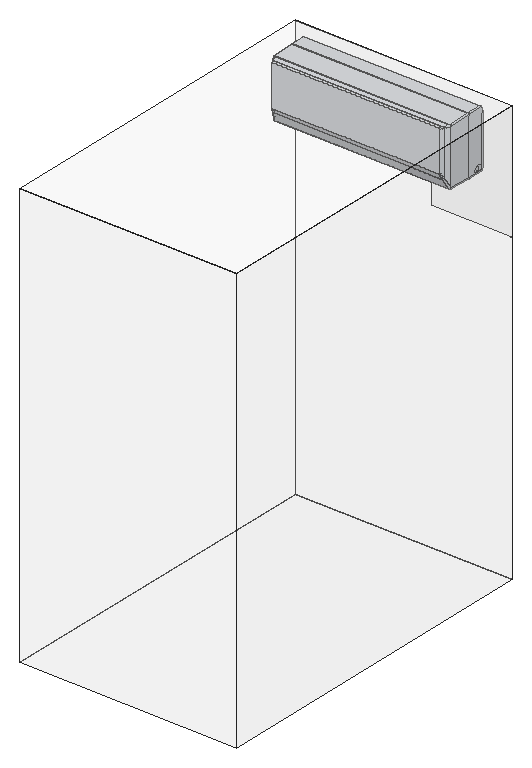
Revit family "pk-rp28112lka20_60hz", category 機械設備, Revit 2019 (continued)
Definition of nested family "pk-rp80_112(la)ka17"
  Automatic sketch dimensions
    Extrusion 1 sketch curve to Extrusion 1 sketch curve = 4.57 mm
    Extrusion 1 sketch curve to Extrusion 1 sketch curve = 0.828 mm
    Extrusion 1 sketch curve to Extrusion 1 sketch curve = 2.282 mm
    Extrusion 1 sketch curve to Extrusion 1 sketch curve = 1.509 mm
    Extrusion 1 sketch curve to plane 10 "Fkidasi_Z" = 2.669 mm
    Extrusion 1 sketch curve to Extrusion 1 sketch curve = 3.53 mm
    Extrusion 1 sketch curve to Extrusion 1 sketch curve = 0.245 mm
    Extrusion 1 sketch curve to plane 10 "Fkidasi_Z" = 0.212 mm
    Extrusion 1 sketch curve to Extrusion 1 sketch curve = 11.126 mm
    Extrusion 1 sketch curve to Extrusion 1 sketch curve = 11.355 mm
    plane 10 "Fkidasi_Z" to Extrusion 1 sketch curve = 0.239 mm
    Extrusion 1 sketch curve to Extrusion 1 sketch curve = 0.886 mm
    Extrusion 1 sketch curve to Extrusion 1 sketch curve = 14.099 mm
    Extrusion 1 sketch curve to Extrusion 1 sketch curve = 0.981 mm  (x3)
    Extrusion 1 sketch curve to plane 2 = 91.302 mm
    plane 6 "UNDER" to Extrusion 1 sketch curve = 3.179 mm
    Extrusion 1 sketch curve to Extrusion 1 sketch curve = 2.631 mm
    Extrusion 1 sketch curve to Extrusion 1 sketch curve = 10.856 mm
    Extrusion 1 sketch curve to plane 10 "Fkidasi_Z" = 10.968 mm
    Extrusion 1 sketch curve to Extrusion 1 sketch curve = 1.969 mm
    Extrusion 1 sketch curve to plane 10 "Fkidasi_Z" = 1.653 mm
    Extrusion 1 sketch curve to plane 10 "Fkidasi_Z" = 0.674 mm
    Extrusion 1 sketch curve to Extrusion 1 sketch curve = 0.182 mm
    plane 10 "Fkidasi_Z" to Extrusion 1 sketch curve = 19.962 mm
    plane 10 "Fkidasi_Z" to Extrusion 1 sketch curve = 45.88 mm
    Extrusion 1 sketch curve to Extrusion 1 sketch curve = 9.288 mm
    Extrusion 1 sketch curve to Extrusion 1 sketch curve = 1.712 mm
    Extrusion 1 sketch curve to Extrusion 1 sketch curve = 2.453 mm
    Extrusion 1 sketch curve to Extrusion 1 sketch curve = 1.702 mm
    Extrusion 1 sketch curve to Extrusion 1 sketch curve = 0.58 mm
    Extrusion 1 sketch curve to Extrusion 1 sketch curve = 1.434 mm
    Extrusion 1 sketch curve to level = 23.558 mm
    Extrusion 1 sketch curve to Extrusion 1 sketch curve = 8.081 mm
    Extrusion 1 sketch curve to Extrusion 1 sketch curve = 4.288 mm
    Extrusion 1 sketch curve to Extrusion 1 sketch curve = 0.784 mm
    Extrusion 1 sketch curve to Extrusion 1 sketch curve = 0 mm
    Extrusion 1 sketch curve to Extrusion 1 sketch curve = 1.627 mm
    Extrusion 1 sketch curve to Extrusion 1 sketch curve = 0.002 mm
    Extrusion 1 sketch curve to level = 0 mm
    plane 19 to Extrusion 1 sketch curve = 6.097 mm
    Extrusion 1 sketch curve to Extrusion 1 sketch curve = 10.916 mm
    curve 15 to Extrusion 1 = 0 mm
    curve 17 to Extrusion 1 = 0 mm
    curve 20 to Extrusion 1 = 0 mm
    curve 13 to Extrusion 1 = 0 mm
    curve 10 to Extrusion 1 = 0 mm
    curve 8 to Extrusion 1 = 0 mm
    curve 15 to Extrusion 1 = 20 mm
    curve 15 to curve 16 = 8 mm
    curve 19 to Extrusion 1 = 1.466 mm
    curve 21 to Extrusion 1 = 3.034 mm
    curve 21 to curve 17 = 22.703 mm
    curve 14 to curve 9 = 24.618 mm
    curve 10 to curve 14 = 23.733 mm
    curve 10 to curve 12 = 34.286 mm
    curve 9 to Extrusion 1 = 28 mm
    curve 11 to curve 8 = 8 mm
    curve 19 to curve 21 = 11.583 mm
    curve 18 to curve 19 = 23.714 mm
    curve 19 to curve 16 = 19.672 mm
    curve 9 to Extrusion 1 = 35.752 mm
    curve 13 to curve 10 = 10 mm
    curve 13 to curve 11 = 79 mm
    plane 19 to Extrusion 1 sketch curve = 29.248 mm
    curve 6 to Extrusion 1 = 0 mm
    curve 2 to Extrusion 1 = 0 mm
    curve 1 to Extrusion 1 = 0 mm
    curve 2 to Extrusion 1 = 7.8 mm
    curve 1 to Extrusion 1 = 57 mm
    curve 4 to curve 7 = 0 mm
    curve 5 to curve 3 = 8 mm
    curve 3 to curve 7 = 50.624 mm
    curve 7 to curve 6 = 8.376 mm
    curve 7 to curve 3 = 7.895 mm
    curve 24 to Extrusion 1 = 1 mm
    curve 32 to Extrusion 1 = 1.705 mm
    curve 5 to curve 32 = 45 mm
    curve 4 to curve 24 = 48 mm
    curve 32 to Extrusion 1 = 1.664 mm
    curve 2 to Extrusion 1 = 57 mm
    curve 25 to Extrusion 1 = 0 mm
    curve 26 to Extrusion 1 = 0 mm
    curve 30 to Extrusion 1 = 0 mm
    Extrusion 1 to curve 25 = 57 mm
    Extrusion 1 to curve 26 = 7.8 mm
    Extrusion 1 to curve 26 = 57 mm
    curve 31 to curve 28 = 0 mm
    curve 28 to curve 27 = 8 mm
    curve 29 to curve 31 = 50.624 mm
    curve 31 to curve 30 = 8.376 mm
    curve 31 to curve 27 = 7.895 mm
    Extrusion 1 to curve 23 = 1 mm
    Extrusion 1 to curve 22 = 1.664 mm
    Extrusion 1 to curve 22 = 110 mm
    Extrusion 1 to curve 22 = 1.705 mm
    curve 28 to curve 23 = 48 mm
Types (9, lengths in mm): name | 風量_静 (m3/min) | 風量_強 (m3/min) | 風量_弱 (m3/min) | 風量_中 (m3/min) | 風量 | 音響パワーレベル_静 (dB) | 音響パワーレベル_弱 (dB) | 音響パワーレベル_中 (dB) | 音響パワーレベル_強 (dB) | 音響パワーレベル(dB) | 電動機出力_送風機 | 質量 | 構成品番 | 壁掛_PK-RP80_112KA17 | 壁掛_PK-RP40_50LA | 冷媒液管位置-Z | 冷媒液管位置-Y | 冷媒液管位置-X | 冷媒ガス管位置-Z | 冷媒ガス管位置-Y | 冷媒ガス管位置-X | ドレン位置-Z | ドレン位置-Y | ドレン位置-X | Space Top | Space Right_1 | Space Right | Space Left | MIN２風量 | MIN風量 | MID風量 | MAX風量 | 製品質量 | 消費電力_暖房 | 消費電力_冷房 | 消費電力 | 暖房能力 | 冷房能力 | 冷媒管径符号 | 冷媒液管径 | 冷媒ガス管径 | Width | S_H | Height | Depth | Clearance Top | Clearance Right | Clearance Left
  壁掛_PK-RP28LA4 | 6.3 | 8.7 | 7.3 | 8 | 522.0 m³/h | 45 | 48 | 50 | 52 | 52 | 0.03 kW | 15.00 kg | "PK-RP28LA4" | no | yes | 280 | 23 | 711 | 268 | 23 | 642 | 274 | 37 | 660 | 50 | 260 | 150 | 50 | 378.0 m³/h | 438.0 m³/h | 480.0 m³/h | 522.0 m³/h | 12.50 kg | 0.02 kW | 0.03 kW | 0.03 kW | 2.80 kW | 2.5 kW | "Ac" | 6.35 | 12.70 | 898 | 356 | 299 | 237 | 50 | 150 | 50
  壁掛_PK-RP40LA4 | 6.8 | 10.7 | 8.2 | 9.4 | 642.0 m³/h | 47 | 51 | 54 | 57 | 57 | 0.03 kW | 15.00 kg | "PK-RP40LA4" | no | yes | 280 | 35 | 711 | 268 | 35 | 642 | 245 | 35 | 660 | 50 | 260 | 150 | 50 | 408.0 m³/h | 492.0 m³/h | 564.0 m³/h | 642.0 m³/h | 12.50 kg | 0.03 kW | 0.04 kW | 0.04 kW | 4.00 kW | 3.6 kW | "Ac" | 6.35 | 12.70 | 898 | 356 | 299 | 237 | 50 | 150 | 50
  壁掛_PK-RP45LA4 | 6.8 | 10.7 | 8.2 | 9.4 | 642.0 m³/h | 48 | 51 | 54 | 57 | 57 | 0.03 kW | 15.00 kg | "PK-RP45LA4" | no | yes | 280 | 35 | 711 | 268 | 35 | 642 | 245 | 35 | 660 | 50 | 260 | 150 | 50 | 408.0 m³/h | 492.0 m³/h | 564.0 m³/h | 642.0 m³/h | 12.50 kg | 0.03 kW | 0.04 kW | 0.04 kW | 4.50 kW | 4 kW | "Ac" | 6.35 | 12.70 | 898 | 356 | 299 | 237 | 50 | 150 | 50
  壁掛_PK-RP50LA4 | 6.8 | 10.7 | 8.2 | 9.4 | 642.0 m³/h | 48 | 51 | 54 | 57 | 57 | 0.03 kW | 15.00 kg | "PK-RP50LA4" | no | yes | 280 | 35 | 711 | 268 | 35 | 642 | 245 | 35 | 660 | 50 | 260 | 150 | 50 | 408.0 m³/h | 492.0 m³/h | 564.0 m³/h | 642.0 m³/h | 12.50 kg | 0.03 kW | 0.04 kW | 0.04 kW | 5.00 kW | 4.5 kW | "Ac" | 6.35 | 12.70 | 898 | 356 | 299 | 237 | 50 | 150 | 50
  壁掛_PK-RP56LA4 | 7.3 | 13.6 | 9.4 | 11.6 | 816.0 m³/h | 49 | 54 | 59 | 63 | 63 | 0.03 kW | 15.00 kg | "PK-RP56LA4" | no | yes | 280 | 35 | 711 | 268 | 35 | 642 | 245 | 35 | 660 | 50 | 260 | 150 | 50 | 438.0 m³/h | 564.0 m³/h | 696.0 m³/h | 816.0 m³/h | 12.50 kg | 0.05 kW | 0.06 kW | 0.06 kW | 5.60 kW | 5 kW | "Ac" | 6.35 | 12.70 | 898 | 356 | 299 | 237 | 50 | 150 | 50
  壁掛_PK-RP63KA20 | 0 | 19 | 16.5 | 17.8 | 1140.0 m³/h | 0 | 53 | 55 | 56 | 56 | 0.057 kW | 24.00 kg | "PK-RP63KA20" | yes | no | 312 | 30 | 636 | 333 | 25 | 567 | 347 | 61 | 719 | 48 | 220 | 100.5 | 52.3 | 0.0 m³/h | 990.0 m³/h | 1068.0 m³/h | 1140.0 m³/h | 20.00 kg | 0.06 kW | 0.06 kW | 0.06 kW | 6.30 kW | 5.6 kW | "Ac" | 6.35 | 12.70 | 1170 | 420 | 365 | 295 | 48 | 100.5 | 52.3
  壁掛_PK-RP71KA20 | 0 | 19 | 16.5 | 17.8 | 1140.0 m³/h | 0 | 53 | 55 | 56 | 56 | 0.057 kW | 25.20 kg | "PK-RP71KA20" | yes | no | 312 | 30 | 636 | 333 | 25 | 567 | 347 | 61 | 719 | 48 | 220 | 100.5 | 52.3 | 0.0 m³/h | 990.0 m³/h | 1068.0 m³/h | 1140.0 m³/h | 21.00 kg | 0.06 kW | 0.06 kW | 0.06 kW | 7.10 kW | 6.3 kW | "Bd" | 9.52 | 15.88 | 1170 | 420 | 365 | 295 | 48 | 100.5 | 52.3
  壁掛_PK-RP80KA20 | 0 | 23 | 17 | 20 | 1380.0 m³/h | 0 | 53 | 57 | 61 | 61 | 0.057 kW | 25.20 kg | "PK-RP80KA20" | yes | no | 312 | 30 | 636 | 333 | 25 | 567 | 347 | 61 | 719 | 48 | 220 | 100.5 | 52.3 | 0.0 m³/h | 1020.0 m³/h | 1200.0 m³/h | 1380.0 m³/h | 21.00 kg | 0.07 kW | 0.07 kW | 0.07 kW | 8.00 kW | 7.1 kW | "Bd" | 9.52 | 15.88 | 1170 | 420 | 365 | 295 | 48 | 100.5 | 52.3
  壁掛_PK-RP112KA20 | 0 | 25 | 17 | 21 | 1500.0 m³/h | 0 | 56 | 61 | 66 | 66 | 0.057 kW | 25.20 kg | "PK-RP112KA20" | yes | no | 312 | 30 | 636 | 333 | 25 | 567 | 347 | 61 | 719 | 48 | 220 | 100.5 | 52.3 | 0.0 m³/h | 1020.0 m³/h | 1260.0 m³/h | 1500.0 m³/h | 21.00 kg | 0.07 kW | 0.07 kW | 0.07 kW | 11.20 kW | 10 kW | "Bd" | 9.52 | 15.88 | 1170 | 420 | 365 | 295 | 48 | 100.5 | 52.3
